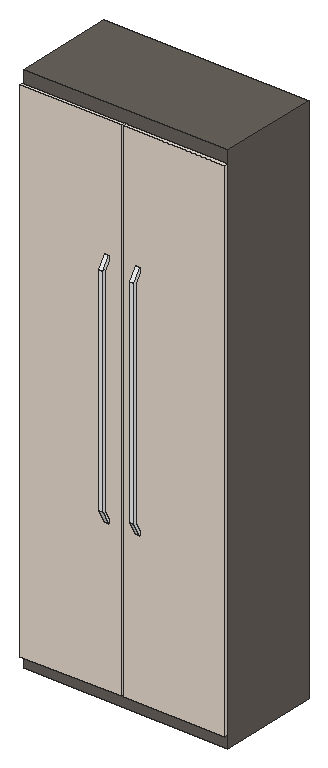
Revit family
Parameters (values of type "84A_발코니_수납장")
  현관-신발장 = 현관-신발장
  폭 [instance] = 915 mm
  신발장-손잡이 = 신발장-손잡이
  문짝 [instance] = 문짝
  높이 [instance] = 2400 mm
  깊이 [instance] = 450 mm
  Assembly Code = ""
Reference planes
  plane 1 "Center (Front/Back)": y = 0
  plane 2: z = 0
  plane 3 "Center (Left/Right)": x = 0
  plane 4 "left": x = -457.5
  plane 5 "right": x = 457.5
  plane 6 "front": y = -225
  plane 7 "back": y = 225
  plane 8 "top": z = 2400
Forms (mm)
  Extrusion 1, solid, material "현관-신발장" <- "현관-신발장"
    sketch origin (0, 0, 0) x (1, 0, 0) y (0, 1, 0)
      loop
        line (-457.5, 225) -> (-457.5, -225) -> (457.5, -225) -> (457.5, 225) -> (-457.5, 225)
    from 0 to 2400
  Extrusion 2, solid, material "문짝" <- "문짝"
    sketch origin (0, -225, 0) x (-1, 0, 0) y (0, 0, 1)
      loop
        line (457.5, 2345.132) -> (5, 2345.132) -> (5, 55.132) -> (457.5, 55.132) -> (457.5, 2345.132)
      loop
        line (-457.5, 2345.132) -> (-457.5, 55.132) -> (-5, 55.132) -> (-5, 2345.132) -> (-457.5, 2345.132)
    from -17.805 to 0
  Extrusion 3, solid, material "신발장-손잡이" <- "신발장-손잡이"
    sketch origin (0, 0, 0) x (0, 1, 0) y (0, 0, 1)
      loop
        line (-242.805, 1780) -> (-242.805, 1803.102) -> (-277.805, 1753.117) -> (-277.805, 788.117) -> (-242.805, 727.495) -> (-242.805, 747.495) -> (-265.748, 787.234) -> (-265.748, 1747.234) -> (-242.805, 1780)
    from 61.694 to 79.644
  Extrusion 4, solid, material "신발장-손잡이" <- "신발장-손잡이"
    sketch origin (0, 0, 0) x (0, 1, 0) y (0, 0, -1)
      loop
        line (-242.805, -1780) -> (-265.748, -1747.234) -> (-265.748, -787.234) -> (-242.805, -747.495) -> (-242.805, -727.495) -> (-277.805, -788.117) -> (-277.805, -1753.117) -> (-242.805, -1803.102) -> (-242.805, -1780)
    from 61.694 to 79.644
Dimensions and locks
  "깊이": plane 6 "front" to plane 7 "back"
  equal spacing: plane 6 "front", plane 1 "Center (Front/Back)", plane 7 "back"
  "높이": plane 8 "top" to level
  "폭": plane 4 "left" to plane 5 "right"
  equal spacing: plane 4 "left", plane 3 "Center (Left/Right)", plane 5 "right"
  locked: Extrusion 1 to Extrusion 2 sketch curve at 54.868
  locked: Extrusion 2 sketch curve to Extrusion 1 at 55.132
  equal spacing: Extrusion 2 sketch curve, plane 3 "Center (Left/Right)", Extrusion 2 sketch curve
  locked: Extrusion 4 to Extrusion 4 at 17.949
  locked: Extrusion 3 to Extrusion 3 at 17.949
  equal spacing: Extrusion 3, plane 3 "Center (Left/Right)", Extrusion 4
  aligned and locked: plane 4 "left" to Extrusion 1 sketch curve
  aligned and locked: plane 7 "back" to Extrusion 1 sketch curve
  aligned and locked: plane 6 "front" to Extrusion 1 sketch curve
  aligned and locked: Extrusion 1 sketch curve to plane 5 "right"
  aligned and locked: plane 6 "front" to Extrusion 2
  aligned and locked: Extrusion 3 to Extrusion 2  (x2)
Automatic sketch dimensions
  Extrusion 2 sketch curve to plane 5 "right" = 0 mm
  Extrusion 2 sketch curve to plane 4 "left" = 0 mm
  plane 3 "Center (Left/Right)" to Extrusion 2 sketch curve = 5 mm
  Extrusion 2 sketch curve to Extrusion 2 sketch curve = 0 mm  (x2)
  Extrusion 3 sketch curve to plane 6 "front" = 52.805 mm
  Extrusion 3 sketch curve to Extrusion 3 sketch curve = 12.057 mm
  Extrusion 3 sketch curve to plane 6 "front" = 17.805 mm  (x2)
  level to Extrusion 3 sketch curve = 727.495 mm
  Extrusion 3 sketch curve to Extrusion 3 sketch curve = 20 mm
  Extrusion 3 sketch curve to Extrusion 3 sketch curve = 39.739 mm
  Extrusion 3 sketch curve to Extrusion 3 sketch curve = 0.883 mm
  Extrusion 3 sketch curve to plane 8 "top" = 652.766 mm
  Extrusion 3 sketch curve to Extrusion 3 sketch curve = 5.883 mm
  Extrusion 3 sketch curve to Extrusion 3 sketch curve = 32.766 mm
  Extrusion 3 sketch curve to Extrusion 3 sketch curve = 23.102 mm
  Extrusion 4 sketch curve to plane 6 "front" = 52.805 mm
  Extrusion 4 sketch curve to Extrusion 4 sketch curve = 12.057 mm
  Extrusion 4 sketch curve to plane 6 "front" = 17.805 mm  (x2)
  Extrusion 4 sketch curve to plane 8 "top" = 596.898 mm
  Extrusion 4 sketch curve to Extrusion 4 sketch curve = 23.102 mm
  Extrusion 4 sketch curve to Extrusion 4 sketch curve = 26.883 mm
  Extrusion 4 sketch curve to Extrusion 4 sketch curve = 5.883 mm
  level to Extrusion 4 sketch curve = 788.117 mm
  Extrusion 4 sketch curve to Extrusion 4 sketch curve = 0.883 mm
  Extrusion 4 sketch curve to Extrusion 4 sketch curve = 39.739 mm
  Extrusion 4 sketch curve to Extrusion 4 sketch curve = 20 mm
